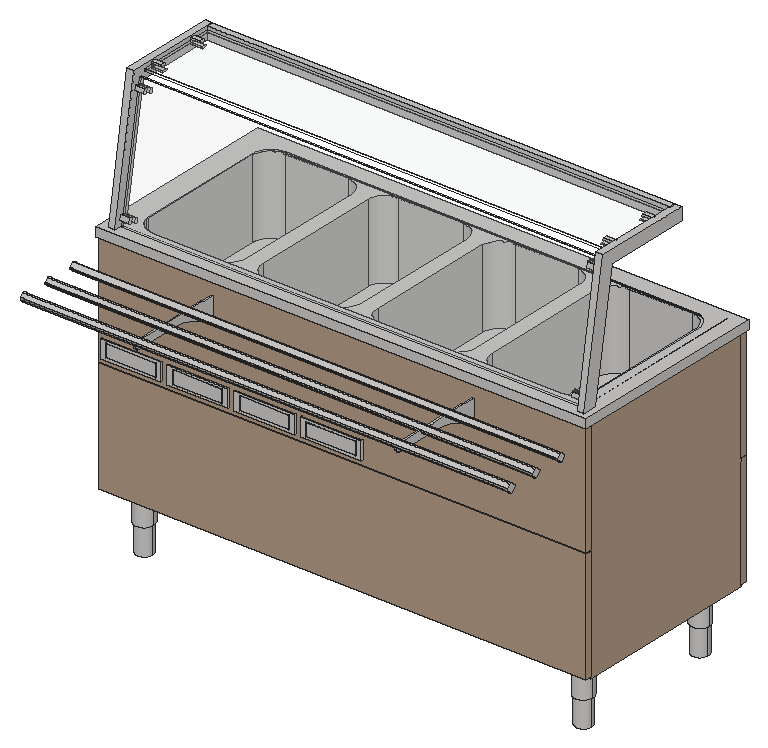
Revit family "QF_ELECTROLUXPROFESSIONAL_322080_F02H4AF01W", category Specialty Equipment, Revit 2018
Family settings
  Round Connector Dimension = Use Diameter
  Part Type = Normal
  Work Plane-Based = No
  Always vertical = Yes
  Cut with Voids When Loaded = No
  Shared = No
  Room Calculation Point = No
Parameters (values of type "Standard")
  Weight = 142.50 kg
  Watts = 0 W
  Volts = 380 V
  URL Manufacturer = "http://professional.electrolux.com"
  URL = "http://professional.electrolux.com"
  Steam Supply Size = 0 mm
  Steam Supply Minimum Pressure = 0.0 Pa
  Steam Supply Maximum Pressure = 0.0 Pa
  Steam Pounds per Hour = 0
  Show Clearance [instance] = yes
  Refrigeration Suction Line Size = 0 mm
  Refrigeration Liquid Line Size = 0 mm
  Refrigerant Compressor Remote = yes
  Manufacturer = "Electrolux Professional"
  Phase = 3
  Model = "F02H4AF01W"
  Length Actual = 1500 mm  # constant formula
  Item Number = "322080"
  Hot Water Size = 0 mm
  Height Actual = 1304 mm  # constant formula
  HP = "5.4 HP"
  Gas Size = 0 mm
  Gas KW = 0
  Gas Input Pressure = 0 W
  Direct Waste Size = 19.05 mm
  Description = "BAIN-MARIE, WATER, FOUR WELLS, 4GN H=900MM OVERSHELF W/LED LIGHTS"
  Depth Actual = 915 mm  # constant formula
  Cycle = 60 Hz
  Condensate Return Size = 0 mm
  Compressed Air Volume = 0.0 L/s
  Compressed Air Size = 0 mm
  Compressed Air Pressure = 0.0 Pa
  Cold Water Size = 0 mm
  Accessory = yes
Values of the unnamed type that differ from the named types
  Volts = 0 V
  URL Manufacturer = ""
  Item Number = ""
  Cycle = 0 Hz
Reference planes
  plane 1 "Centro (Fronte/Retro)": y = 74.737
  plane 2: z = 0
  plane 3 "BACK": y = 384.737
  plane 4 "FRONT": y = -235.263
  plane 5: z = 900
  plane 6 "RIGHT": x = 235.731
  plane 7 "LEFT": x = -1264.269
  plane 8: x = -514.269
  plane 9: y = 664.737
  plane 10: y = -530.02
  plane 11: z = 178
  plane 12: z = 1304
  plane 13: z = 1222
  plane 14: y = 297.737
  plane 15: y = -148.263
  plane 16: x = -1186.269
  plane 17: x = 157.731
  plane 18: x = -1260.269
  plane 19: y = -231.263
  plane 20: x = 231.731
  plane 21: y = 380.737
  plane 22: z = 874
  plane 23: y = 362.737
  plane 24: y = -213.263
  plane 25: z = 182
  plane 26: z = 527
  plane 27: z = 531
  plane 28: x = -112.269
  plane 29: x = -916.269
  plane 30: x = -1242.269
  plane 31: x = 213.731
  plane 32: x = 193.731
  plane 33: x = -1222.269
  plane 34: x = -1214.269
  plane 35: x = 185.731
  plane 36: y = 130.237
  plane 37: y = 19.237
  plane 38: y = 33.237
  plane 39: y = 116.237
  plane 40: x = -1152.269
  plane 41: x = 130.731
Forms (mm)
  Extrusion 1, solid, material "QF_Finishes_Wood"
    sketch origin (0, 0, 0) x (1, 0, 0) y (0, 1, 0)
      loop
        line (-1260.269, 362.737) -> (-1260.269, -213.263) -> (231.731, -213.263) -> (231.731, 362.737) -> (-1260.269, 362.737)
    from 178 to 874
  Extrusion 2, solid, material "QF_Finishes_Wood"
    sketch origin (231.731, 362.737, 0) x (0, -1, 0) y (0, 0, -1)
      loop
        line (576, -182) -> (576, -527) -> (594, -527) -> (594, -182) -> (576, -182)
      loop
        line (576, -531) -> (576, -874) -> (594, -874) -> (594, -531) -> (576, -531)
    from 0 to -1492
  Extrusion 3, solid, material "QF_Finishes_Wood"
    sketch origin (231.731, -213.263, 0) x (0, 1, 0) y (0, 0, 1)
      loop
        line (576, 531) -> (594, 531) -> (594, 874) -> (576, 874) -> (576, 531)
    from 0 to -1492
  Extrusion 4, solid, material "QF_Finishes_Stainless Steel"
    sketch origin (0, 0, 0) x (1, 0, 0) y (0, 1, 0)
      loop
        line (-1264.269, 384.737) -> (-1264.269, -235.263) -> (235.731, -235.263) -> (235.731, 384.737) -> (-1264.269, 384.737)
    from 874 to 900
  Extrusion 5, solid, material "QF_Finishes_Stainless Steel"
    sketch origin (-117.269, 362.737, 0) x (0, -1, 0) y (0, 0, -1)
      loop
        arc (628.84, -832.7) -> (632.082, -833.911) -> (635.519, -834.32) r 14.5
        line (635.519, -834.32) -> (675.715, -834.32) -> (689.858, -820.177) -> (704, -834.32) -> (770.715, -834.32) -> (784.858, -820.177) -> (799, -834.32) -> (865.716, -834.32) -> (879.858, -820.177) -> (887.686, -828.005) -> (887.686, -821.352)
        arc (887.686, -821.352) -> (887.303, -819.435) -> (886.214, -817.81) r 4.999
        line (886.214, -817.81) -> (881.179, -812.776)
        arc (881.179, -812.776) -> (879.559, -811.698) -> (877.651, -811.32) r 5
        line (877.651, -811.32) -> (732.206, -811.32)
        arc (732.206, -811.32) -> (708.662, -809.221) -> (685.86, -802.991) r 133.106
        line (685.86, -802.991) -> (638.285, -785.32) -> (597.679, -770.12) -> (594, -770.12) -> (594, -832.7) -> (628.84, -832.7)
    from 0 to 5
  Extrusion 6, void
    sketch origin (0, 0, 0) x (1, 0, 0) y (0, 1, 0)
      loop
        line (-1195.519, 277.393) -> (-1195.519, -118.263)
        arc (-1195.519, -118.263) -> (-1179.117, -157.861) -> (-1139.519, -174.263) r 56
        line (-1139.519, -174.263) -> (113.481, -174.263)
        arc (113.481, -174.263) -> (153.079, -157.861) -> (169.481, -118.263) r 56
        line (169.481, -118.263) -> (169.481, 278.957)
        arc (169.481, 278.957) -> (153.437, 317.692) -> (114.702, 333.737) r 54.78
        line (114.702, 333.737) -> (-1139.174, 333.737)
        arc (-1139.174, 333.737) -> (-1179.016, 317.234) -> (-1195.519, 277.393) r 56.344
    from 622.272 to 900
  Extrusion 7, solid, material "QF_Finishes_Wood"
    sketch origin (419.731, -213.263, -348) x (0, 1, 0) y (0, 0, 1)
      loop
        line (576, 530) -> (594, 530) -> (594, 875) -> (576, 875) -> (576, 530)
    from -188 to -383
  Extrusion 8, solid, material "QF_Finishes_Wood"
    sketch origin (-234.269, -213.263, -348) x (0, 1, 0) y (0, 0, 1)
      loop
        line (576, 530) -> (594, 530) -> (594, 875) -> (576, 875) -> (576, 530)
    from -831.045 to -1026
  Extrusion 9, solid, material "QF_Door-Drawer Clearances", visible <- "Show Clearance"
    sketch origin (0, -4, 0) x (1, 0, 0) y (0, 1, 0)
      loop
        line (-514.269, 384.737) -> (43.66, 384.737) -> (-438.757, 663.26)
        arc (-438.757, 663.26) -> (-495.317, 529.097) -> (-514.269, 384.737) r 544.045
    from 182 to 527
  Extrusion 10, solid, material "QF_Finishes_Stainless Steel"
    sketch origin (-916.269, 362.737, 0) x (0, -1, 0) y (0, 0, -1)
      loop
        arc (628.84, -832.7) -> (632.082, -833.911) -> (635.519, -834.32) r 14.5
        line (635.519, -834.32) -> (675.715, -834.32) -> (689.858, -820.177) -> (704, -834.32) -> (770.715, -834.32) -> (784.858, -820.177) -> (799, -834.32) -> (865.716, -834.32) -> (879.858, -820.177) -> (887.686, -828.005) -> (887.686, -821.352)
        arc (887.686, -821.352) -> (887.303, -819.435) -> (886.214, -817.81) r 4.999
        line (886.214, -817.81) -> (881.179, -812.776)
        arc (881.179, -812.776) -> (879.559, -811.698) -> (877.651, -811.32) r 5
        line (877.651, -811.32) -> (732.206, -811.32)
        arc (732.206, -811.32) -> (708.662, -809.221) -> (685.86, -802.991) r 133.106
        line (685.86, -802.991) -> (638.285, -785.32) -> (597.679, -770.12) -> (594, -770.12) -> (594, -832.7) -> (628.84, -832.7)
    from 0 to 5
  Extrusion 11, solid, material "QF_Finishes_Stainless Steel"
    sketch origin (231.731, 362.737, 0) x (0, -1, 0) y (0, 0, -1)
      loop
        line (881.983, -846.337) -> (891.875, -836.445)
        arc (891.875, -836.445) -> (892.757, -834.322) -> (891.879, -832.198) r 3
        line (891.879, -832.198) -> (881.979, -822.299)
        arc (881.979, -822.299) -> (879.858, -821.42) -> (877.737, -822.299) r 3
        line (877.737, -822.299) -> (867.837, -832.198)
        arc (867.837, -832.198) -> (866.958, -834.32) -> (867.837, -836.441) r 3
        line (867.837, -836.441) -> (877.737, -846.34)
        arc (877.737, -846.34) -> (879.86, -847.219) -> (881.983, -846.337) r 3
      loop
        line (786.979, -846.34) -> (796.879, -836.441)
        arc (796.879, -836.441) -> (797.757, -834.32) -> (796.879, -832.198) r 3
        line (796.879, -832.198) -> (786.979, -822.299)
        arc (786.979, -822.299) -> (784.858, -821.42) -> (782.737, -822.299) r 3
        line (782.737, -822.299) -> (772.837, -832.198)
        arc (772.837, -832.198) -> (771.958, -834.317) -> (772.833, -836.437) r 3
        line (772.833, -836.437) -> (782.741, -846.345)
        arc (782.741, -846.345) -> (784.861, -847.219) -> (786.979, -846.34) r 3
      loop
        line (691.976, -846.343) -> (701.882, -836.438)
        arc (701.882, -836.438) -> (702.757, -834.318) -> (701.879, -832.198) r 3
        line (701.879, -832.198) -> (691.979, -822.299)
        arc (691.979, -822.299) -> (689.858, -821.42) -> (687.737, -822.299) r 3
        line (687.737, -822.299) -> (677.837, -832.198)
        arc (677.837, -832.198) -> (676.958, -834.32) -> (677.837, -836.441) r 3
        line (677.837, -836.441) -> (687.737, -846.34)
        arc (687.737, -846.34) -> (689.856, -847.219) -> (691.976, -846.343) r 3
    from 0 to -1492
  Extrusion 12, solid, material "QF_Finishes_Stainless Steel"
    sketch origin (231.731, 362.737, 0) x (0, -1, 0) y (0, 0, -1)
      loop
        line (206.477, -1264.379) -> (206.477, -1304) -> (507.108, -1304) -> (578.344, -900) -> (537.727, -900) -> (473.477, -1264.379) -> (206.477, -1264.379)
    from -18 to -38
  Extrusion 13, solid, material "QF_Finishes_Stainless Steel"
    sketch origin (-895.269, 362.737, 0) x (0, -1, 0) y (0, 0, 1)
      loop
        line (206.477, 1264.379) -> (473.477, 1264.379) -> (537.727, 900) -> (578.344, 900) -> (507.108, 1304) -> (206.477, 1304) -> (206.477, 1264.379)
    from 347 to 327
  Extrusion 14, solid, material "QF_Finishes_Glass"
    sketch origin (-133.269, -231.263, 531) x (0, 0, 1) y (-1, 0, 0)
      loop
        line (757.879, -319) -> (765.879, -319) -> (765.879, 1081) -> (757.879, 1081) -> (757.879, -319)
    from -361.5 to -120.204
  Extrusion 15, solid, material "QF_Finishes_Stainless Steel"
    sketch origin (0, 0, 0) x (1, 0, 0) y (0, 1, 0)
      loop
        line (-1222.269, 156.26) -> (-1222.269, 136.26) -> (193.731, 136.26) -> (193.731, 156.26) -> (-1222.269, 156.26)
    from 1264.379 to 1304
  Extrusion 16, solid, material "QF_Finishes_Glass"
    sketch origin (-133.269, 362.737, 0) x (0, -1, 0) y (0, 0, -1)
      loop
        line (494.569, -1282.974) -> (562.097, -900) -> (553.974, -900) -> (486.445, -1282.974) -> (494.569, -1282.974)
    from 319 to -1081
  Extrusion 17, solid, material "QF_Finishes_Wood"
    sketch origin (314.688, -213.263, -348) x (0, 1, 0) y (0, 0, 1)
      loop
        line (576, 530) -> (594, 530) -> (594, 875) -> (576, 875) -> (576, 530)
    from -277.956 to -828.956
  Extrusion 18, solid, material "QF_Finishes_Wood"
    sketch origin (-236.312, -213.263, -348) x (0, 1, 0) y (0, 0, 1)
      loop
        line (576, 530) -> (594, 530) -> (594, 875) -> (576, 875) -> (576, 530)
    from -277.956 to -828.956
  Extrusion 19, solid, material "QF_Door-Drawer Clearances", visible <- "Show Clearance"
    sketch origin (-1028.537, -4, 0) x (-1, 0, 0) y (0, -1, 0)
      loop
        arc (-514.269, -384.737) -> (-495.317, -529.097) -> (-438.757, -663.26) r 544.045
        line (-438.757, -663.26) -> (43.66, -384.737) -> (-514.269, -384.737)
    from 182 to 527
  Extrusion 20, solid, material "QF_Finishes_Stainless Steel"
    sketch origin (-483.144, -64.263, 531) x (0, 0, 1) y (-1, 0, 0)
      loop
        line (765.879, 706.5) -> (770.879, 708.5) -> (770.879, 739.125) -> (750.879, 739.125) -> (750.879, 731) -> (751.974, 731) -> (751.974, 700.938) -> (755.879, 702.5) -> (755.879, 732) -> (765.879, 732) -> (765.879, 706.5)
    from 0 to 14
  Extrusion 21, solid, material "QF_Finishes_Stainless Steel"
    sketch origin (-483.144, 85.737, 531) x (0, 0, 1) y (-1, 0, 0)
      loop
        line (765.879, 706.5) -> (770.879, 708.5) -> (770.879, 739.125) -> (750.879, 739.125) -> (750.879, 731) -> (751.974, 731) -> (751.974, 700.938) -> (755.879, 702.5) -> (755.879, 732) -> (765.879, 732) -> (765.879, 706.5)
    from 0 to 14
  Extrusion 22, solid, material "QF_Finishes_Stainless Steel"
    sketch origin (-545.394, -64.263, 531) x (0, 0, 1) y (-1, 0, 0)
      loop
        line (765.879, -706.5) -> (765.879, -732) -> (755.879, -732) -> (755.879, -702.5) -> (751.974, -700.938) -> (751.974, -731) -> (750.879, -731) -> (750.879, -739.125) -> (770.879, -739.125) -> (770.879, -708.5) -> (765.879, -706.5)
    from 0 to 14
  Extrusion 23, solid, material "QF_Finishes_Stainless Steel"
    sketch origin (-545.394, 85.737, 531) x (0, 0, 1) y (-1, 0, 0)
      loop
        line (765.879, -706.5) -> (765.879, -732) -> (755.879, -732) -> (755.879, -702.5) -> (751.974, -700.938) -> (751.974, -731) -> (750.879, -731) -> (750.879, -739.125) -> (770.879, -739.125) -> (770.879, -708.5) -> (765.879, -706.5)
    from 0 to 14
  Extrusion 24, solid, material "QF_Finishes_Stainless Steel"
    sketch origin (-545.394, 619.458, 1129.907) x (0, -0.984808, 0.173648) y (-1, 0, 0)
      loop
        line (765.879, -706.5) -> (765.879, -732) -> (755.879, -732) -> (755.879, -702.5) -> (751.974, -700.938) -> (751.974, -731) -> (750.879, -731) -> (750.879, -739.125) -> (770.879, -739.125) -> (770.879, -708.5) -> (765.879, -706.5)
    from 0 to 14
  Extrusion 25, solid, material "QF_Finishes_Stainless Steel"
    sketch origin (-483.144, 619.458, 1129.907) x (0, -0.984808, 0.173648) y (-1, 0, 0)
      loop
        line (765.879, 706.5) -> (770.879, 708.5) -> (770.879, 739.125) -> (750.879, 739.125) -> (750.879, 731) -> (751.974, 731) -> (751.974, 700.938) -> (755.879, 702.5) -> (755.879, 732) -> (765.879, 732) -> (765.879, 706.5)
    from 0 to 14
  Extrusion 26, solid, material "QF_Finishes_Stainless Steel"
    sketch origin (-545.394, 562.154, 799.389) x (0, -0.984808, 0.173648) y (-1, 0, 0)
      loop
        line (765.879, -706.5) -> (765.879, -732) -> (755.879, -732) -> (755.879, -702.5) -> (751.974, -700.938) -> (751.974, -731) -> (750.879, -731) -> (750.879, -739.125) -> (770.879, -739.125) -> (770.879, -708.5) -> (765.879, -706.5)
    from 0 to 14
  Extrusion 27, solid, material "QF_Finishes_Stainless Steel"
    sketch origin (-483.144, 562.154, 799.389) x (0, -0.984808, 0.173648) y (-1, 0, 0)
      loop
        line (765.879, 706.5) -> (770.879, 708.5) -> (770.879, 739.125) -> (750.879, 739.125) -> (750.879, 731) -> (751.974, 731) -> (751.974, 700.938) -> (755.879, 702.5) -> (755.879, 732) -> (765.879, 732) -> (765.879, 706.5)
    from 0 to 14
  Extrusion 28, solid, material "QF_Finishes_Stainless Steel"
    sketch origin (-1393.537, 0, 0) x (-1, 0, 0) y (0, -1, 0)
      loop
        circle (-196.269, -124.737) r 10
    from 178 to 166
  Extrusion 29, solid, material "QF_Finishes_Stainless Steel"
    sketch origin (-1393.537, 149.474, 0) x (-1, 0, 0) y (0, -1, 0)
      loop
        circle (-196.269, 124.737) r 10
    from 178 to 166
Cuts and joins
  Extrusion 6 cuts Extrusion 1
  Extrusion 6 cuts Extrusion 4
Lines and regions (mm)
  symbolic lines
    curve 1: line (235.731, 384.737, 0) -> (235.731, -235.263, 0)
    curve 2: line (-1264.269, -235.263, 0) -> (-1264.269, 384.737, 0)
    curve 3: line (-1264.269, 384.737, 0) -> (235.731, 384.737, 0)
    curve 4: line (-1264.269, -235.263, 0) -> (235.731, -235.263, 0)
    curve 5: line (185.731, -64.263, 0) -> (185.731, 71.737, 0)
    curve 6: line (-1214.269, 71.737, 0) -> (-1214.269, -64.263, 0)
    curve 7: line (-1242.269, 156.26, 0) -> (213.731, 156.26, 0)
    curve 8: line (213.731, 156.26, 0) -> (213.731, -215.607, 0)
    curve 9: line (213.731, -215.607, 0) -> (193.731, -215.607, 0)
    curve 10: line (193.731, -215.607, 0) -> (193.731, 156.26, 0)
    curve 11: line (193.731, 136.26, 0) -> (-1222.269, 136.26, 0)
    curve 12: line (-1222.269, 156.26, 0) -> (-1222.269, -215.607, 0)
    curve 13: line (-1222.269, -215.607, 0) -> (-1242.269, -215.607, 0)
    curve 14: line (-1242.269, -215.607, 0) -> (-1242.269, 156.26, 0)
    curve 15: line (-1242.269, -144.371, 0) -> (-1222.269, -144.371, 0)
    curve 16: line (193.731, -144.371, 0) -> (213.731, -144.371, 0)
    curve 17: line (-1214.269, 130.237, 0) -> (-1214.269, 85.737, 0)
    curve 18: line (-1214.269, 130.237, 0) -> (185.731, 130.237, 0)
    curve 19: line (185.731, 130.237, 0) -> (185.731, 85.737, 0)
    curve 20: line (185.731, -78.263, 0) -> (185.731, -111.059, 0)
    curve 21: line (193.731, 85.737, 0) -> (161.231, 85.737, 0)
    curve 22: line (161.231, 85.737, 0) -> (161.231, 71.737, 0)
    curve 23: line (161.231, 71.737, 0) -> (193.731, 71.737, 0)
    curve 24: line (193.731, -64.263, 0) -> (161.231, -64.263, 0)
    curve 25: line (161.231, -64.263, 0) -> (161.231, -78.263, 0)
    curve 26: line (161.231, -78.263, 0) -> (193.731, -78.263, 0)
    curve 27: line (-1222.269, -64.263, 0) -> (-1189.769, -64.263, 0)
    curve 28: line (-1189.769, -64.263, 0) -> (-1189.769, -78.263, 0)
    curve 29: line (-1189.769, -78.263, 0) -> (-1222.269, -78.263, 0)
    curve 30: line (-1222.269, 85.737, 0) -> (-1189.769, 85.737, 0)
    curve 31: line (-1189.769, 85.737, 0) -> (-1189.769, 71.737, 0)
    curve 32: line (-1189.769, 71.737, 0) -> (-1222.269, 71.737, 0)
    curve 33: line (-1222.269, -142.14, 0) -> (-1191.769, -142.14, 0)
    curve 34: line (-1191.769, -142.14, 0) -> (-1191.769, -139.709, 0)
    curve 35: line (-1191.769, -139.709, 0) -> (-1222.269, -139.709, 0)
    curve 36: line (-1191.769, -142.14, 0) -> (-1189.769, -137.216, 0)
    curve 37: line (-1215.269, -134.785, 0) -> (-1189.769, -134.785, 0)
    curve 38: line (-1215.269, -134.785, 0) -> (-1215.269, -124.937, 0)
    curve 39: line (-1215.269, -124.937, 0) -> (-1214.269, -124.937, 0)
    curve 40: line (-1215.269, -127.368, 0) -> (-1214.269, -127.368, 0)
    curve 41: line (-1191.769, -139.709, 0) -> (-1189.769, -134.785, 0)
    curve 42: line (-1189.769, -134.785, 0) -> (-1189.769, -137.216, 0)
    curve 43: line (-1214.269, -123.708, 0) -> (-1214.269, -134.785, 0)
    curve 44: line (185.731, -131.831, 0) -> (185.731, -123.708, 0)
    curve 45: line (185.731, -123.708, 0) -> (-1214.269, -123.708, 0)
    curve 46: line (193.731, -142.14, 0) -> (163.231, -142.14, 0)
    curve 47: line (163.231, -142.14, 0) -> (163.231, -139.709, 0)
    curve 48: line (163.231, -139.709, 0) -> (193.731, -139.709, 0)
    curve 49: line (163.231, -142.14, 0) -> (161.231, -137.216, 0)
    curve 50: line (186.731, -134.785, 0) -> (161.231, -134.785, 0)
    curve 51: line (186.731, -134.785, 0) -> (186.731, -124.937, 0)
    curve 52: line (186.731, -124.937, 0) -> (185.731, -124.937, 0)
    curve 53: line (186.731, -127.368, 0) -> (185.731, -127.368, 0)
    curve 54: line (163.231, -139.709, 0) -> (161.231, -134.785, 0)
    curve 55: line (161.231, -134.785, 0) -> (161.231, -137.216, 0)
    curve 56: line (185.731, -123.708, 0) -> (185.731, -134.785, 0)
    curve 57: line (-1214.269, -142.14, 0) -> (-1214.269, -192.089, 0)
    curve 58: line (-1214.269, -177.317, 0) -> (-1222.269, -177.317, 0)
    curve 59: line (-1214.269, -182.241, 0) -> (-1215.269, -182.241, 0)
    curve 60: line (-1215.269, -184.672, 0) -> (-1214.269, -184.672, 0)
    curve 61: line (-1215.269, -182.241, 0) -> (-1215.269, -192.089, 0)
    curve 62: line (-1215.269, -192.089, 0) -> (-1189.779, -192.089, 0)
    curve 63: line (-1191.769, -197.013, 0) -> (-1189.779, -192.089, 0)
    curve 64: line (-1189.779, -192.089, 0) -> (-1189.779, -194.52, 0)
    curve 65: line (-1191.769, -199.444, 0) -> (-1189.779, -194.52, 0)
    curve 66: line (-1191.769, -197.013, 0) -> (-1191.769, -199.444, 0)
    curve 67: line (-1222.269, -199.444, 0) -> (-1191.769, -199.444, 0)
    curve 68: line (-1191.769, -197.013, 0) -> (-1222.269, -197.013, 0)
    curve 69: line (185.731, -177.317, 0) -> (193.731, -177.317, 0)
    curve 70: line (185.731, -182.241, 0) -> (186.731, -182.241, 0)
    curve 71: line (186.731, -184.672, 0) -> (185.731, -184.672, 0)
    curve 72: line (186.731, -182.241, 0) -> (186.731, -192.089, 0)
    curve 73: line (186.731, -192.089, 0) -> (161.242, -192.089, 0)
    curve 74: line (163.231, -197.013, 0) -> (161.242, -192.089, 0)
    curve 75: line (161.242, -192.089, 0) -> (161.242, -194.52, 0)
    curve 76: line (163.231, -199.444, 0) -> (161.242, -194.52, 0)
    curve 77: line (163.231, -197.013, 0) -> (163.231, -199.444, 0)
    curve 78: line (193.731, -199.444, 0) -> (163.231, -199.444, 0)
    curve 79: line (163.231, -197.013, 0) -> (193.731, -197.013, 0)
    curve 80: line (-1191.735, -199.36, 0) -> (163.197, -199.36, 0)
    curve 81: line (-1214.269, -78.263, 0) -> (-1214.269, -111.059, 0)
    curve 82: line (-1214.269, -111.059, 0) -> (185.731, -111.059, 0)
    curve 83: line (-1214.269, -131.831, 0) -> (185.731, -131.831, 0)
    curve 84: line (185.731, -142.14, 0) -> (185.731, -192.089, 0)
    curve 85: line (-1264.269, -530.02, 0) -> (-1264.269, -235.263, 0)
    curve 86: line (235.731, -530.02, 0) -> (-1264.269, -530.02, 0)
    curve 87: line (235.731, -235.263, 0) -> (235.731, -530.02, 0)
    curve 88: line (186.731, -127.368, 0) -> (185.731, -127.368, 0)
    curve 89: line (193.731, -120.013, 0) -> (185.731, -120.013, 0)
    curve 90: line (185.731, -120.013, 0) -> (185.731, -121.091, 0)
    curve 91: line (185.731, -121.091, 0) -> (155.669, -121.091, 0)
    curve 92: line (155.669, -121.091, 0) -> (155.669, -123.708, 0)
    curve 93: line (155.669, -121.091, 0) -> (156.732, -123.708, 0)
    curve 94: line (-1222.269, -120.013, 0) -> (-1214.269, -120.013, 0)
    curve 95: line (-1214.269, -120.013, 0) -> (-1214.269, -121.091, 0)
    curve 96: line (-1214.269, -121.091, 0) -> (-1184.207, -121.091, 0)
    curve 97: line (-1184.207, -121.091, 0) -> (-1184.207, -123.708, 0)
    curve 98: line (-1184.207, -121.091, 0) -> (-1185.269, -123.708, 0)
    curve 99: line (164.481, 276.457, 0) -> (164.481, 156.26, 0)
    curve 100: line (-1193.019, 136.26, 0) -> (-1193.019, 130.237, 0)
    curve 101: line (164.481, 136.26, 0) -> (164.481, 130.237, 0)
  symbolic lines, style "QF_Door-Drawer Clearances"
    curve 102: line (-1025.269, 384.737, 0) -> (-580.414, 641.574, 0)
    curve 103: line (-1065.269, 384.737, 0) -> (-590.231, 659, 0)
    curve 104: arc (-590.231, 659, 0) -> (-534.256, 526.854, 0) -> (-514.29, 384.737, 0) r 551.22
    curve 105: arc (-438.306, 659, 0) -> (-494.281, 526.854, 0) -> (-514.247, 384.737, 0) r 551.22
    curve 106: line (-3.269, 384.737, 0) -> (-448.124, 641.574, 0)
    curve 107: line (36.731, 384.737, 0) -> (-438.306, 659, 0)
  symbolic lines, style "SpecialityEquipmentHiddenLines"
    curve 108: line (-1194.269, 273.737, 0) -> (-1194.269, -124.263, 0)
    curve 109: arc (-1194.269, -124.263, 0) -> (-1177.867, -163.861, 0) -> (-1138.269, -180.263, 0) r 56
    curve 110: line (-1138.269, -180.263, 0) -> (-945.269, -180.263, 0)
    curve 111: arc (-945.269, -180.263, 0) -> (-905.671, -163.861, 0) -> (-889.269, -124.263, 0) r 56
    curve 112: line (-889.269, -124.263, 0) -> (-889.269, 273.737, 0)
    curve 113: arc (-889.269, 273.737, 0) -> (-905.671, 313.335, 0) -> (-945.269, 329.737, 0) r 56
    curve 114: line (-945.269, 329.737, 0) -> (-1138.269, 329.737, 0)
    curve 115: arc (-1138.269, 329.737, 0) -> (-1177.867, 313.335, 0) -> (-1194.269, 273.737, 0) r 56
    curve 116: line (-843.269, 278.737, 0) -> (-843.269, -124.263, 0)
    curve 117: arc (-843.269, -124.263, 0) -> (-826.867, -163.861, 0) -> (-787.269, -180.263, 0) r 56
    curve 118: line (-787.269, -180.263, 0) -> (-594.269, -180.263, 0)
    curve 119: arc (-594.269, -180.263, 0) -> (-554.671, -163.861, 0) -> (-538.269, -124.263, 0) r 56
    curve 120: line (-538.269, -124.263, 0) -> (-538.269, 273.737, 0)
    curve 121: arc (-538.269, 273.737, 0) -> (-554.671, 313.335, 0) -> (-594.269, 329.737, 0) r 56
    curve 122: line (-594.269, 329.737, 0) -> (-792.269, 329.737, 0)
    curve 123: arc (-792.269, 329.737, 0) -> (-828.331, 314.8, 0) -> (-843.269, 278.737, 0) r 51
    curve 124: line (-492.269, 273.737, 0) -> (-492.269, -124.263, 0)
    curve 125: arc (-492.269, -124.263, 0) -> (-475.867, -163.861, 0) -> (-436.269, -180.263, 0) r 56
    curve 126: line (-436.269, -180.263, 0) -> (-243.269, -180.263, 0)
    curve 127: arc (-243.269, -180.263, 0) -> (-203.671, -163.861, 0) -> (-187.269, -124.263, 0) r 56
    curve 128: line (-187.269, -124.263, 0) -> (-187.269, 273.737, 0)
    curve 129: arc (-187.269, 273.737, 0) -> (-203.671, 313.335, 0) -> (-243.269, 329.737, 0) r 56
    curve 130: line (-243.269, 329.737, 0) -> (-436.269, 329.737, 0)
    curve 131: arc (-436.269, 329.737, 0) -> (-475.867, 313.335, 0) -> (-492.269, 273.737, 0) r 56
    curve 132: line (-141.269, 273.737, 0) -> (-141.269, -124.263, 0)
    curve 133: arc (-141.269, -124.263, 0) -> (-124.867, -163.861, 0) -> (-85.269, -180.263, 0) r 56
    curve 134: line (-85.269, -180.263, 0) -> (107.731, -180.263, 0)
    curve 135: arc (107.731, -180.263, 0) -> (147.329, -163.861, 0) -> (163.731, -124.263, 0) r 56
    curve 136: line (163.731, -124.263, 0) -> (163.731, 273.737, 0)
    curve 137: arc (163.731, 273.737, 0) -> (147.329, 313.335, 0) -> (107.731, 329.737, 0) r 56
    curve 138: line (107.731, 329.737, 0) -> (-85.269, 329.737, 0)
    curve 139: arc (-85.269, 329.737, 0) -> (-124.867, 313.335, 0) -> (-141.269, 273.737, 0) r 56
Dimensions and locks
  plane 7 "LEFT" to plane 6 "RIGHT" = 1500 mm
  equal spacing: plane 3 "BACK", plane 1 "Centro (Fronte/Retro)", plane 4 "FRONT"
  plane 3 "BACK" to plane 4 "FRONT" = 620 mm
  equal spacing: plane 7 "LEFT", plane 8, plane 6 "RIGHT"
  locked: plane 9 to plane 3 "BACK" at 280
  locked: plane 4 "FRONT" to plane 10 at 294.757
  locked: plane 11 to plane 2 at 178
  locked: plane 5 to plane 2 at 900
  locked: plane 12 to plane 2 at 1304
  locked: plane 13 to plane 2 at 1222
  locked: plane 3 "BACK" to plane 14 at 87
  locked: plane 7 "LEFT" to plane 16 at 78
  locked: plane 17 to plane 6 "RIGHT" at 78
  locked: plane 15 to plane 4 "FRONT" at 87
  locked: plane 3 "BACK" to plane 21 at 4
  locked: plane 7 "LEFT" to plane 18 at 4
  locked: plane 20 to plane 6 "RIGHT" at 4
  locked: plane 19 to plane 4 "FRONT" at 4
  locked: plane 5 to plane 22 at 26
  locked: plane 24 to plane 19 at 18
  locked: plane 21 to plane 23 at 18
  plane 20 to plane 28 = 344 mm
  plane 29 to plane 18 = 344 mm
  equal spacing: plane 30, plane 8, plane 31
  plane 30 to plane 31 = 1456 mm
  locked: plane 30 to plane 33 at 20
  locked: plane 32 to plane 31 at 20
  equal spacing: plane 34, plane 8, plane 35
  plane 34 to plane 35 = 1400 mm
  equal spacing: plane 36, plane 1 "Centro (Fronte/Retro)", plane 37
  plane 36 to plane 37 = 111 mm
  locked: plane 36 to plane 39 at 14
  locked: plane 38 to plane 37 at 14
  locked: plane 41 to plane 6 "RIGHT" at 105
  locked: plane 7 "LEFT" to plane 40 at 112
  plane 16 to plane 7 "LEFT" = 78 mm
  plane 6 "RIGHT" to plane 17 = 78 mm
  plane 6 "RIGHT" to plane 7 "LEFT" = 1500 mm
  plane 31 to plane 30 = 1456 mm
  plane 35 to plane 34 = 1400 mm
  aligned and locked: level to plane 2
  aligned and locked: Extrusion 1 sketch curve to plane 23
  aligned and locked: plane 18 to Extrusion 1 sketch curve
  aligned and locked: plane 24 to Extrusion 1 sketch curve
  aligned and locked: Extrusion 1 sketch curve to plane 20
  aligned and locked: Extrusion 1 to plane 22
  aligned and locked: Extrusion 1 to plane 11
  aligned and locked: plane 25 to Extrusion 2 sketch curve
  aligned and locked: Extrusion 2 sketch curve to plane 24  (x2)
  aligned and locked: Extrusion 2 sketch curve to plane 26
  aligned and locked: plane 19 to Extrusion 2 sketch curve  (x2)
  aligned and locked: plane 27 to Extrusion 2 sketch curve
  aligned and locked: Extrusion 2 sketch curve to plane 22
  aligned and locked: Extrusion 2 to plane 18
  aligned and locked: Extrusion 3 to plane 18
  aligned and locked: Extrusion 4 sketch curve to plane 3 "BACK"
  aligned and locked: plane 7 "LEFT" to Extrusion 4 sketch curve
  aligned and locked: plane 4 "FRONT" to Extrusion 4 sketch curve
  aligned and locked: Extrusion 4 sketch curve to plane 6 "RIGHT"
  aligned and locked: Extrusion 4 to plane 22
  aligned and locked: plane 20 to Extrusion 7
  aligned and locked: Extrusion 8 to plane 18
  aligned and locked: plane 26 to Extrusion 9
  aligned and locked: Extrusion 7 to plane 25
  aligned and locked: Extrusion 8 to plane 25
  aligned and locked: plane 16 to nested 1
  aligned and locked: plane 17 to nested 2
  aligned and locked: nested 2 to plane 15
  aligned and locked: nested 1 to plane 15
  aligned and locked: nested 3 to plane 14
  aligned and locked: plane 16 to nested 4
  aligned and locked: plane 20 to Extrusion 11
  aligned and locked: Extrusion 11 to plane 18
  aligned and locked: nested 4 to plane 14
  aligned and locked: Extrusion 12 to plane 31
  aligned and locked: Extrusion 12 to plane 32
  aligned and locked: plane 33 to Extrusion 13
  aligned and locked: Extrusion 13 to plane 30
  aligned and locked: Extrusion 15 sketch curve to plane 32
  aligned and locked: plane 33 to Extrusion 15 sketch curve
  aligned and locked: Extrusion 15 to Extrusion 12
  aligned and locked: Extrusion 16 to plane 34
  aligned and locked: plane 35 to Extrusion 16
  aligned and locked: Extrusion 14 sketch curve to plane 35
  aligned and locked: plane 34 to Extrusion 14 sketch curve
  aligned and locked: plane 17 to nested 3
Automatic sketch dimensions
  curve 86 to plane 7 "LEFT" = 0 mm
  curve 15 to plane 30 = 0 mm
  curve 29 to plane 33 = 0 mm
  curve 40 to plane 34 = 0 mm
  curve 57 to plane 34 = 0 mm
  curve 18 to plane 34 = 0 mm
  curve 81 to plane 34 = 0 mm
  curve 6 to plane 34 = 0 mm
  curve 100 to plane 36 = 0 mm
  curve 103 to plane 3 "BACK" = 0 mm
  curve 70 to plane 35 = 0 mm
  curve 19 to plane 35 = 0 mm
  curve 20 to plane 35 = 0 mm
  curve 52 to plane 35 = 0 mm
  curve 5 to plane 35 = 0 mm
  curve 23 to plane 32 = 0 mm
  curve 7 to plane 31 = 0 mm
  curve 87 to plane 4 "FRONT" = 0 mm
  curve 87 to plane 6 "RIGHT" = 0 mm
  curve 87 to plane 10 = 0 mm
  curve 61 to plane 34 = 1 mm
  curve 39 to curve 39 = 1 mm
  curve 94 to plane 34 = 0 mm
  curve 66 to plane 16 = 5.5 mm
  curve 34 to plane 16 = 5.5 mm
  curve 64 to plane 16 = 3.511 mm
  curve 41 to plane 16 = 3.5 mm
  curve 32 to plane 16 = 3.5 mm
  curve 27 to plane 16 = 3.5 mm
  plane 16 to curve 97 = 2.062 mm
  curve 104 to plane 21 = 0.977 mm
  curve 104 to plane 40 = 86.781 mm
  curve 103 to plane 9 = 5.737 mm
  curve 103 to plane 8 = 75.963 mm
  curve 107 to plane 9 = 5.737 mm
  plane 8 to curve 107 = 75.963 mm
  curve 105 to plane 21 = 0.977 mm
  plane 41 to curve 105 = 93.781 mm
  curve 92 to plane 17 = 2.062 mm
  plane 17 to curve 26 = 3.5 mm
  plane 17 to curve 22 = 3.5 mm
  plane 17 to curve 54 = 3.5 mm
  plane 17 to curve 73 = 3.511 mm
  curve 75 to curve 79 = 1.989 mm
  curve 49 to curve 49 = 2 mm
  plane 17 to curve 99 = 6.75 mm
  plane 35 to curve 90 = 0 mm
  plane 35 to curve 72 = 1 mm
  plane 35 to curve 50 = 1 mm
  curve 12 to plane 24 = 2.344 mm
  curve 10 to plane 24 = 2.344 mm
  plane 24 to curve 78 = 13.819 mm
  plane 24 to curve 65 = 13.819 mm
  curve 65 to curve 66 = 2.431 mm
  curve 76 to curve 74 = 2.431 mm
  curve 74 to curve 76 = 2.493 mm
  curve 63 to curve 65 = 2.493 mm
  curve 75 to curve 74 = 2.431 mm
  curve 64 to curve 63 = 2.431 mm
  curve 72 to curve 72 = 9.848 mm
  curve 61 to curve 61 = 9.848 mm
  plane 15 to curve 46 = 6.122 mm
  plane 15 to curve 34 = 6.122 mm
  curve 33 to curve 41 = 2.431 mm
  curve 46 to curve 54 = 2.431 mm
  curve 47 to curve 55 = 2.493 mm
  curve 34 to curve 42 = 2.493 mm
  curve 57 to curve 37 = 7.355 mm
  curve 49 to curve 54 = 2.431 mm
  curve 56 to curve 44 = 2.954 mm
  curve 83 to curve 38 = 6.894 mm
  curve 44 to curve 52 = 6.894 mm
  curve 52 to curve 44 = 1.229 mm
  curve 97 to curve 96 = 2.617 mm
  curve 44 to curve 90 = 2.617 mm
  curve 95 to curve 94 = 1.078 mm
  curve 90 to curve 90 = 1.078 mm
  curve 89 to curve 82 = 8.954 mm
  curve 81 to curve 29 = 32.796 mm
  curve 20 to curve 25 = 32.796 mm
  curve 28 to curve 27 = 14 mm
  curve 25 to curve 25 = 14 mm
  plane 1 "Centro (Fronte/Retro)" to curve 22 = 3 mm
  plane 1 "Centro (Fronte/Retro)" to curve 32 = 3 mm
  curve 30 to plane 1 "Centro (Fronte/Retro)" = 11 mm
  curve 22 to plane 1 "Centro (Fronte/Retro)" = 11 mm
  plane 36 to curve 14 = 26.023 mm
  curve 99 to plane 14 = 21.28 mm
  curve 100 to plane 16 = 6.75 mm
  curve 65 to curve 80 = 0.034 mm
  plane 16 to curve 98 = 0.999 mm
  curve 104 to curve 103 = 0.219 mm
  curve 103 to curve 102 = 40 mm
  curve 102 to plane 9 = 23.163 mm
  curve 106 to plane 9 = 23.163 mm
  curve 106 to curve 105 = 40.219 mm
  curve 107 to curve 105 = 0.219 mm
  curve 93 to plane 17 = 0.999 mm
  plane 17 to curve 101 = 6.75 mm
  curve 60 to curve 59 = 2.431 mm
  curve 71 to curve 70 = 2.431 mm
  curve 70 to curve 69 = 4.924 mm
  curve 59 to curve 58 = 4.924 mm
  plane 15 to curve 15 = 3.892 mm
  curve 16 to curve 46 = 2.23 mm
  curve 53 to curve 52 = 2.431 mm
  curve 88 to curve 53 = 0 mm
  curve 40 to curve 38 = 2.431 mm
  curve 101 to curve 101 = 6.023 mm
  Extrusion 1 to Extrusion 3 sketch curve = 0 mm
  Extrusion 3 sketch curve to Extrusion 1 = 0 mm
  Extrusion 3 sketch curve to Extrusion 3 sketch curve = 18 mm
  Extrusion 3 sketch curve to Extrusion 3 sketch curve = 343 mm
  Extrusion 5 sketch curve to plane 19 = 0 mm
  plane 4 "FRONT" to Extrusion 5 sketch curve = 0.321 mm
  Extrusion 5 sketch curve to plane 4 "FRONT" = 30.84 mm
  Extrusion 5 sketch curve to Extrusion 5 sketch curve = 6.66 mm
  Extrusion 5 sketch curve to Extrusion 5 sketch curve = 6.678 mm
  Extrusion 5 sketch curve to Extrusion 5 sketch curve = 2.785 mm
  Extrusion 5 sketch curve to Extrusion 5 sketch curve = 40.197 mm
  Extrusion 5 sketch curve to Extrusion 5 sketch curve = 10.145 mm
  Extrusion 5 sketch curve to Extrusion 5 sketch curve = 3.998 mm
  Extrusion 5 sketch curve to plane 22 = 39.68 mm  (x3)
  Extrusion 5 sketch curve to Extrusion 5 sketch curve = 14.142 mm  (x3)
  Extrusion 5 sketch curve to Extrusion 5 sketch curve = 28.206 mm
  Extrusion 5 sketch curve to Extrusion 5 sketch curve = 38.51 mm
  Extrusion 5 sketch curve to Extrusion 5 sketch curve = 14.143 mm
  plane 10 to Extrusion 5 sketch curve = 27.042 mm
  plane 10 to Extrusion 5 sketch curve = 15.107 mm
  Extrusion 5 sketch curve to Extrusion 5 sketch curve = 2.207 mm
  Extrusion 5 sketch curve to Extrusion 5 sketch curve = 3.528 mm  (x2)
  Extrusion 5 sketch curve to Extrusion 5 sketch curve = 2.829 mm
  plane 10 to Extrusion 5 sketch curve = 5.072 mm
  Extrusion 5 sketch curve to Extrusion 5 sketch curve = 1.62 mm
  Extrusion 5 sketch curve to Extrusion 5 sketch curve = 6.314 mm
  Extrusion 5 sketch curve to Extrusion 5 sketch curve = 6.653 mm
  Extrusion 5 sketch curve to Extrusion 5 sketch curve = 1.175 mm
  Extrusion 5 sketch curve to Extrusion 5 sketch curve = 3.858 mm
  Extrusion 5 sketch curve to Extrusion 5 sketch curve = 3.543 mm
  Extrusion 5 sketch curve to Extrusion 5 sketch curve = 23 mm
  Extrusion 5 sketch curve to Extrusion 5 sketch curve = 17.187 mm
  Extrusion 5 sketch curve to Extrusion 5 sketch curve = 34.499 mm
  Extrusion 5 sketch curve to Extrusion 5 sketch curve = 15.2 mm
  Extrusion 5 sketch curve to Extrusion 5 sketch curve = 0 mm
  Extrusion 6 sketch curve to plane 16 = 9.25 mm
  Extrusion 6 sketch curve to plane 40 = 12.75 mm
  Extrusion 6 sketch curve to plane 40 = 13.094 mm
  plane 41 to Extrusion 6 sketch curve = 17.25 mm
  plane 41 to Extrusion 6 sketch curve = 16.03 mm
  plane 17 to Extrusion 6 sketch curve = 11.75 mm
  Extrusion 6 sketch curve to plane 15 = 26 mm
  Extrusion 6 sketch curve to plane 14 = 20.344 mm
  Extrusion 7 sketch curve to plane 23 = 0 mm
  Extrusion 7 sketch curve to plane 21 = 0 mm
  Extrusion 7 sketch curve to plane 25 = 0 mm
  Extrusion 7 sketch curve to plane 26 = 0 mm
  Extrusion 8 sketch curve to plane 23 = 0 mm
  Extrusion 8 sketch curve to plane 21 = 0 mm
  Extrusion 8 sketch curve to plane 25 = 0 mm
  Extrusion 8 sketch curve to plane 26 = 0 mm
  Extrusion 9 sketch curve to plane 8 = 0 mm
  Extrusion 9 sketch curve to plane 21 = 0 mm
  Extrusion 9 sketch curve to plane 9 = 5.477 mm
  plane 8 to Extrusion 9 sketch curve = 75.512 mm
  Extrusion 9 sketch curve to plane 3 "BACK" = 2 mm
  Extrusion 9 sketch curve to Extrusion 9 sketch curve = 13.887 mm
  Extrusion 10 sketch curve to plane 19 = 0 mm
  plane 4 "FRONT" to Extrusion 10 sketch curve = 0.321 mm
  Extrusion 10 sketch curve to plane 4 "FRONT" = 30.84 mm
  Extrusion 10 sketch curve to Extrusion 10 sketch curve = 6.66 mm
  Extrusion 10 sketch curve to Extrusion 10 sketch curve = 6.678 mm
  Extrusion 10 sketch curve to Extrusion 10 sketch curve = 2.785 mm
  Extrusion 10 sketch curve to Extrusion 10 sketch curve = 40.197 mm
  Extrusion 10 sketch curve to Extrusion 10 sketch curve = 10.145 mm
  Extrusion 10 sketch curve to Extrusion 10 sketch curve = 3.998 mm
  Extrusion 10 sketch curve to plane 22 = 39.68 mm  (x3)
  Extrusion 10 sketch curve to Extrusion 10 sketch curve = 14.142 mm  (x3)
  Extrusion 10 sketch curve to Extrusion 10 sketch curve = 28.206 mm
  Extrusion 10 sketch curve to Extrusion 10 sketch curve = 38.51 mm
  Extrusion 10 sketch curve to Extrusion 10 sketch curve = 14.143 mm
  plane 10 to Extrusion 10 sketch curve = 27.042 mm
  plane 10 to Extrusion 10 sketch curve = 15.107 mm
  Extrusion 10 sketch curve to Extrusion 10 sketch curve = 2.207 mm
  Extrusion 10 sketch curve to Extrusion 10 sketch curve = 3.528 mm  (x2)
  Extrusion 10 sketch curve to Extrusion 10 sketch curve = 2.829 mm
  plane 10 to Extrusion 10 sketch curve = 5.072 mm
  Extrusion 10 sketch curve to Extrusion 10 sketch curve = 1.62 mm
  Extrusion 10 sketch curve to Extrusion 10 sketch curve = 6.314 mm
  Extrusion 10 sketch curve to Extrusion 10 sketch curve = 6.653 mm
  Extrusion 10 sketch curve to Extrusion 10 sketch curve = 1.175 mm
  Extrusion 10 sketch curve to Extrusion 10 sketch curve = 3.858 mm
  Extrusion 10 sketch curve to Extrusion 10 sketch curve = 3.543 mm
  Extrusion 10 sketch curve to Extrusion 10 sketch curve = 23 mm
  Extrusion 10 sketch curve to Extrusion 10 sketch curve = 17.187 mm
  Extrusion 10 sketch curve to Extrusion 10 sketch curve = 34.499 mm
  Extrusion 10 sketch curve to Extrusion 10 sketch curve = 15.2 mm
  Extrusion 10 sketch curve to Extrusion 10 sketch curve = 0 mm
  Extrusion 1 to Extrusion 11 sketch curve = 39.68 mm
  Extrusion 11 sketch curve to Extrusion 1 = 103.958 mm
  Extrusion 11 sketch curve to Extrusion 11 sketch curve = 9.899 mm  (x7)
  Extrusion 1 to Extrusion 11 sketch curve = 27.657 mm
  Extrusion 11 sketch curve to Extrusion 11 sketch curve = 2.118 mm  (x3)
  Extrusion 1 to Extrusion 11 sketch curve = 37.562 mm
  Extrusion 11 sketch curve to Extrusion 11 sketch curve = 2.124 mm  (x2)
  Extrusion 1 to Extrusion 11 sketch curve = 37.563 mm
  Extrusion 11 sketch curve to Extrusion 11 sketch curve = 70.951 mm
  Extrusion 1 to Extrusion 11 sketch curve = 41.802 mm  (x6)
  Extrusion 11 sketch curve to Extrusion 11 sketch curve = 0.004 mm
  Extrusion 11 sketch curve to Extrusion 11 sketch curve = 2.126 mm
  Extrusion 1 to Extrusion 11 sketch curve = 27.655 mm
  Extrusion 11 sketch curve to Extrusion 11 sketch curve = 9.908 mm
  Extrusion 11 sketch curve to Extrusion 11 sketch curve = 2.117 mm
  Extrusion 11 sketch curve to Extrusion 11 sketch curve = 9.9 mm  (x3)
  Extrusion 1 to Extrusion 11 sketch curve = 27.66 mm  (x3)
  Extrusion 11 sketch curve to Extrusion 11 sketch curve = 2.121 mm  (x16)
  Extrusion 1 to Extrusion 11 sketch curve = 37.559 mm  (x3)
  Extrusion 11 sketch curve to Extrusion 11 sketch curve = 70.958 mm
  Extrusion 11 sketch curve to Extrusion 11 sketch curve = 0 mm  (x12)
  Extrusion 1 to Extrusion 11 sketch curve = 51.701 mm  (x6)
  Extrusion 1 to Extrusion 11 sketch curve = 27.663 mm
  Extrusion 11 sketch curve to Extrusion 11 sketch curve = 2.125 mm
  Extrusion 1 to Extrusion 11 sketch curve = 37.555 mm
  Extrusion 1 to Extrusion 12 sketch curve = 206.477 mm
  Extrusion 1 to Extrusion 12 sketch curve = 102.523 mm
  Extrusion 12 sketch curve to Extrusion 12 sketch curve = 33.631 mm
  Extrusion 1 to Extrusion 12 sketch curve = 38.273 mm
  Extrusion 12 sketch curve to Extrusion 1 = 2.344 mm
  Extrusion 12 sketch curve to Extrusion 1 = 430 mm
  Extrusion 12 sketch curve to Extrusion 12 sketch curve = 39.621 mm
  Extrusion 12 sketch curve to Extrusion 1 = 26 mm
  Extrusion 13 sketch curve to plane 12 = 0 mm
  Extrusion 13 sketch curve to plane 5 = 0 mm
  plane 36 to Extrusion 13 sketch curve = 26.023 mm
  plane 15 to Extrusion 13 sketch curve = 37.523 mm
  plane 15 to Extrusion 13 sketch curve = 3.892 mm
  Extrusion 13 sketch curve to plane 15 = 26.727 mm
  Extrusion 13 sketch curve to plane 24 = 2.344 mm
  Extrusion 13 sketch curve to plane 12 = 39.621 mm
  Extrusion 14 sketch curve to plane 12 = 15.121 mm
  Extrusion 14 sketch curve to plane 12 = 7.121 mm
  plane 36 to Extrusion 15 sketch curve = 6.023 mm
  Extrusion 15 sketch curve to Extrusion 15 sketch curve = 20 mm
  Extrusion 16 sketch curve to plane 5 = 0 mm
  plane 15 to Extrusion 16 sketch curve = 24.555 mm
  Extrusion 16 sketch curve to Extrusion 16 sketch curve = 8.123 mm  (x2)
  plane 24 to Extrusion 16 sketch curve = 22.026 mm
  Extrusion 16 sketch curve to plane 12 = 21.026 mm
  Extrusion 17 sketch curve to plane 23 = 0 mm
  Extrusion 17 sketch curve to plane 21 = 0 mm
  Extrusion 17 sketch curve to plane 25 = 0 mm
  Extrusion 17 sketch curve to plane 26 = 0 mm
  Extrusion 18 sketch curve to plane 23 = 0 mm
  Extrusion 18 sketch curve to plane 21 = 0 mm
  Extrusion 18 sketch curve to plane 25 = 0 mm
  Extrusion 18 sketch curve to plane 26 = 0 mm
  Extrusion 19 sketch curve to plane 8 = 0 mm
  Extrusion 19 sketch curve to plane 21 = 0 mm
  plane 9 to Extrusion 19 sketch curve = 5.477 mm
  plane 8 to Extrusion 19 sketch curve = 75.512 mm
  plane 3 "BACK" to Extrusion 19 sketch curve = 2 mm
  Extrusion 19 sketch curve to Extrusion 19 sketch curve = 13.887 mm
  Extrusion 20 sketch curve to plane 33 = 0 mm
  plane 34 to Extrusion 20 sketch curve = 0.125 mm
  Extrusion 20 sketch curve to plane 12 = 22.121 mm
  Extrusion 20 sketch curve to Extrusion 20 sketch curve = 1.095 mm
  plane 16 to Extrusion 20 sketch curve = 0.625 mm
  Extrusion 20 sketch curve to Extrusion 20 sketch curve = 3.905 mm
  Extrusion 20 sketch curve to plane 34 = 0.875 mm
  Extrusion 20 sketch curve to plane 12 = 7.121 mm
  Extrusion 20 sketch curve to plane 12 = 2.121 mm
  plane 16 to Extrusion 20 sketch curve = 2.187 mm
  Extrusion 20 sketch curve to plane 16 = 3.375 mm
  Extrusion 20 sketch curve to plane 16 = 5.375 mm
  Extrusion 21 sketch curve to plane 33 = 0 mm
  plane 34 to Extrusion 21 sketch curve = 0.125 mm
  Extrusion 21 sketch curve to plane 12 = 22.121 mm
  Extrusion 21 sketch curve to Extrusion 21 sketch curve = 1.095 mm
  plane 16 to Extrusion 21 sketch curve = 0.625 mm
  Extrusion 21 sketch curve to Extrusion 21 sketch curve = 3.905 mm
  Extrusion 21 sketch curve to plane 34 = 0.875 mm
  Extrusion 21 sketch curve to plane 12 = 7.121 mm
  Extrusion 21 sketch curve to plane 12 = 2.121 mm
  plane 16 to Extrusion 21 sketch curve = 2.187 mm
  Extrusion 21 sketch curve to plane 16 = 3.375 mm
  Extrusion 21 sketch curve to plane 16 = 5.375 mm
  Extrusion 22 sketch curve to plane 32 = 0 mm
  Extrusion 22 sketch curve to plane 35 = 0.125 mm
  Extrusion 22 sketch curve to plane 12 = 22.121 mm
  Extrusion 22 sketch curve to Extrusion 22 sketch curve = 1.095 mm
  Extrusion 22 sketch curve to plane 17 = 0.625 mm
  Extrusion 22 sketch curve to Extrusion 22 sketch curve = 3.905 mm
  plane 35 to Extrusion 22 sketch curve = 0.875 mm
  Extrusion 22 sketch curve to plane 12 = 7.121 mm
  Extrusion 22 sketch curve to plane 12 = 2.121 mm
  plane 17 to Extrusion 22 sketch curve = 5.375 mm
  plane 17 to Extrusion 22 sketch curve = 3.375 mm
  Extrusion 22 sketch curve to plane 17 = 2.187 mm
  Extrusion 23 sketch curve to plane 32 = 0 mm
  Extrusion 23 sketch curve to plane 35 = 0.125 mm
  Extrusion 23 sketch curve to plane 12 = 22.121 mm
  Extrusion 23 sketch curve to Extrusion 23 sketch curve = 1.095 mm
  Extrusion 23 sketch curve to plane 17 = 0.625 mm
  Extrusion 23 sketch curve to Extrusion 23 sketch curve = 3.905 mm
  plane 35 to Extrusion 23 sketch curve = 0.875 mm
  Extrusion 23 sketch curve to plane 12 = 7.121 mm
  Extrusion 23 sketch curve to plane 12 = 2.121 mm
  plane 17 to Extrusion 23 sketch curve = 5.375 mm
  plane 17 to Extrusion 23 sketch curve = 3.375 mm
  Extrusion 23 sketch curve to plane 17 = 2.187 mm
  Extrusion 24 sketch curve to plane 35 = 0.125 mm
  Extrusion 24 sketch curve to Extrusion 24 sketch curve = 1.095 mm
  Extrusion 24 sketch curve to plane 17 = 0.625 mm
  Extrusion 24 sketch curve to Extrusion 24 sketch curve = 3.905 mm
  plane 35 to Extrusion 24 sketch curve = 0.875 mm
  Extrusion 24 sketch curve to Extrusion 24 sketch curve = 10 mm
  Extrusion 24 sketch curve to Extrusion 24 sketch curve = 5 mm
  plane 32 to Extrusion 24 sketch curve = 0 mm
  plane 17 to Extrusion 24 sketch curve = 5.375 mm
  plane 17 to Extrusion 24 sketch curve = 3.375 mm
  Extrusion 24 sketch curve to plane 17 = 2.187 mm
  plane 34 to Extrusion 25 sketch curve = 0.125 mm
  Extrusion 25 sketch curve to Extrusion 25 sketch curve = 1.095 mm
  plane 16 to Extrusion 25 sketch curve = 0.625 mm
  Extrusion 25 sketch curve to Extrusion 25 sketch curve = 3.905 mm
  Extrusion 25 sketch curve to plane 34 = 0.875 mm
  Extrusion 25 sketch curve to Extrusion 25 sketch curve = 10 mm
  Extrusion 25 sketch curve to Extrusion 25 sketch curve = 5 mm
  plane 16 to Extrusion 25 sketch curve = 2.187 mm
  Extrusion 25 sketch curve to plane 16 = 3.375 mm
  Extrusion 25 sketch curve to plane 16 = 5.375 mm
  Extrusion 25 sketch curve to plane 33 = 0 mm
  Extrusion 26 sketch curve to plane 32 = 0 mm
  Extrusion 26 sketch curve to plane 35 = 0.125 mm
  Extrusion 26 sketch curve to Extrusion 26 sketch curve = 1.095 mm
  Extrusion 26 sketch curve to plane 17 = 0.625 mm
  Extrusion 26 sketch curve to Extrusion 26 sketch curve = 3.905 mm
  plane 35 to Extrusion 26 sketch curve = 0.875 mm
  Extrusion 26 sketch curve to Extrusion 26 sketch curve = 10 mm
  Extrusion 26 sketch curve to Extrusion 26 sketch curve = 5 mm
  plane 17 to Extrusion 26 sketch curve = 5.375 mm
  plane 17 to Extrusion 26 sketch curve = 3.375 mm
  Extrusion 26 sketch curve to plane 17 = 2.187 mm
  plane 34 to Extrusion 27 sketch curve = 0.125 mm
  Extrusion 27 sketch curve to Extrusion 27 sketch curve = 1.095 mm
  plane 16 to Extrusion 27 sketch curve = 0.625 mm
  Extrusion 27 sketch curve to Extrusion 27 sketch curve = 3.905 mm
  Extrusion 27 sketch curve to plane 34 = 0.875 mm
  Extrusion 27 sketch curve to Extrusion 27 sketch curve = 10 mm
  Extrusion 27 sketch curve to Extrusion 27 sketch curve = 5 mm
  plane 16 to Extrusion 27 sketch curve = 2.187 mm
  Extrusion 27 sketch curve to plane 16 = 3.375 mm
  Extrusion 27 sketch curve to plane 16 = 5.375 mm
  Extrusion 27 sketch curve to plane 33 = 0 mm
  plane 16 to Extrusion 28 sketch curve = 11 mm
  plane 36 to Extrusion 28 sketch curve = 5.5 mm
  Extrusion 29 sketch curve to plane 16 = 11 mm
  plane 37 to Extrusion 29 sketch curve = 5.5 mm
  curve 108 to plane 16 = 8 mm
  curve 115 to plane 40 = 14 mm
  curve 110 to plane 40 = 14 mm
  curve 113 to plane 29 = 29 mm
  curve 110 to plane 29 = 29 mm
  plane 29 to curve 112 = 27 mm
  curve 110 to plane 15 = 32 mm
  curve 115 to plane 14 = 24 mm
  plane 15 to curve 116 = 24 mm
  curve 111 to curve 116 = 46 mm
  curve 123 to plane 14 = 19 mm
  curve 123 to curve 123 = 51 mm
  curve 118 to plane 15 = 32 mm
  curve 121 to plane 14 = 24 mm
  curve 121 to plane 8 = 80 mm
  plane 15 to curve 119 = 24 mm
  plane 8 to curve 124 = 22 mm
  plane 15 to curve 125 = 24 mm
  curve 125 to curve 125 = 56 mm
  curve 131 to plane 14 = 24 mm
  curve 131 to curve 131 = 56 mm
  curve 129 to plane 14 = 24 mm
  curve 129 to plane 28 = 131 mm
  plane 15 to curve 127 = 24 mm
  curve 132 to plane 28 = 29 mm
  plane 28 to curve 133 = 27 mm
  plane 28 to curve 139 = 27 mm
  plane 41 to curve 134 = 23 mm
  plane 41 to curve 138 = 23 mm
  plane 17 to curve 136 = 6 mm
  curve 134 to plane 15 = 32 mm
  curve 137 to plane 14 = 24 mm
  radius of Extrusion 28 sketch curve = 10 mm
  radius of Extrusion 29 sketch curve = 10 mm
Nested families
  nested 1: "Foot_Ø50_H150" at (-1186.269, -148.263, 0), type "Foot_Ø50_H150"
  nested 2: "Foot_Ø50_H150" at (157.731, -148.263, 0), type "Foot_Ø50_H150"
  nested 3: "Foot_Ø50_H150" at (157.731, 297.737, 0), type "Foot_Ø50_H150"
  nested 4: "Foot_Ø50_H150" at (-1186.269, 297.737, 0), type "Foot_Ø50_H150"
  nested 5: "Bain Marie Four well 1500" at (0, 5, 0), type "Bain Marie Four well 1500"
    with Show Clearance yes
  nested 6: "Sun" at (55.731, -45.263, 0), type "Sun"
  nested 7: "Controller_compact" at (-1158.019, -231.263, 572.8) x (-1, 0, 0) z (0, -1, 0), type "Controller_compact"
  nested 8: "Controller_compact" at (-953.519, -231.263, 572.8) x (-1, 0, 0) z (0, -1, 0), type "Controller_compact"
  nested 9: "Controller_compact" at (-749.019, -231.263, 572.8) x (-1, 0, 0) z (0, -1, 0), type "Controller_compact"
  nested 10: "Controller_compact" at (-544.519, -231.263, 572.8) x (-1, 0, 0) z (0, -1, 0), type "Controller_compact"
Connectors
  piping at (-1197.269, 124.737, 166), diameter 20
    settings: on Extrusion 28, index 8, connector inside diameter 609.6 mm, connector length 0 mm, flow factor 0, pipe flow 0.0 L/s, pressure drop 0.0 Pa, fitting loss kfactor 0, connector angle 0.00°, fixture units 0, engagement length 0 mm, angle of deflection 0.00°, flow configuration 1, flow direction 2, fitting loss method 0, system type 16, joint type 0, gender type 0, connector reference index -1, connector utility 0, adjustable connector no, is connector primary yes, connector description ""
  electrical at (-1197.269, 24.737, 166)
    settings: on Extrusion 29, index 10, voltage 0 V, apparent load 0 VA, apparent load phase1 0 VA, apparent load phase2 0 VA, apparent load phase3 0 VA, power factor 1, load classification "Other", number of poles 1, system type 31, power factor state 1, is connector primary yes, connector utility no, sub classification motor no, connector description ""
Definition of nested family "Foot_Ø50_H150"
  Reference planes
    plane 1 "Centro (Fronte/Retro)": y = 0
    plane 2: z = 0
    plane 3 "Centro (Sinistra/Destra)": x = 0
    plane 4: z = 178
  Forms (mm)
    Revolve 1, solid
      sketch origin (255.05, 0, 608.09) x (0, 0, 1) y (-1, 0, 0)
        loop
          line (-608.09, 255.05) -> (-608.09, 230.05) -> (-526.09, 230.05) -> (-526.09, 226.05) -> (-430.09, 226.05) -> (-430.09, 255.05) -> (-608.09, 255.05)
        axis (-608.09, 255.05) -> (-430.09, 255.05)
      angle from 0 to 360
  Dimensions and locks
    Revolve 1 sketch curve to Revolve 1 sketch curve = 96 mm
    aligned and locked: level to plane 2
    aligned and locked: plane 4 to Revolve 1 sketch curve
    aligned and locked: Revolve 1 sketch curve to level
    aligned and locked: plane 3 "Centro (Sinistra/Destra)" to Revolve 1 sketch curve
Definition of nested family "Bain Marie Four well 1500"
  Parameters (values of type "Bain Marie Four well 1500")
    Show Clearance [instance] = yes
    Scatola connessioni Z [instance] = 250 mm
    Scatola connessioni X [instance] = 1000 mm
    Scatola Connessioni Y [instance] = 600 mm
    Controller 4X [instance] = 900 mm
    Controller 4Z [instance] = 300 mm
    Controller 4Y [instance] = 350 mm
    Controller 3Z [instance] = 300 mm
    Controller 3Y [instance] = 300 mm
    Controller 3X [instance] = 700 mm
    Controller 2Z [instance] = 300 mm
    Controller 2Y [instance] = 250 mm
    Controller 2X [instance] = 500 mm
    Controller 1Z [instance] = 300 mm
    Controller 1Y [instance] = 200 mm
    Controller 1X [instance] = 300 mm
  Reference planes
    plane 1 "Centro (Fronte/Retro)": y = 74.737
    plane 2: z = 0
    plane 3 "BACK": y = 379.737
    plane 4 "FRONT": y = -240.263
    plane 5 "RIGHT": x = 235.731
    plane 6 "LEFT": x = -1264.269
    plane 7: x = -514.269
    plane 8 "TOP": z = 900
    plane 9: y = 352.737
    plane 10: y = -203.263
    plane 11: x = 190.731
    plane 12: x = -1219.269
    plane 13: y = 324.737
    plane 14: y = -185.263
    plane 15: x = -1194.269
    plane 16: x = 163.731
    plane 17: z = 898
    plane 18: z = 656
    plane 19: z = 659
    plane 20: x = -889.269
    plane 21: x = -141.269
    plane 22: x = -843.269
    plane 23: x = -538.269
    plane 24: x = -492.269
    plane 25: x = -187.269
    plane 26: z = 300
    plane 27: z = 300
    plane 28: z = 300
    plane 29: z = 300
    plane 30: z = 250
    plane 31: x = -264.269
    plane 32: y = -220.263
    plane 33: x = -964.269
    plane 34: y = 179.737
    plane 35: x = -764.269
    plane 36: y = 129.737
    plane 37: x = -564.269
    plane 38: y = 79.737
    plane 39: x = -364.269
    plane 40: y = 29.737
    plane 41 "1": y = 266.737
  Forms (mm)
    Extrusion 1, solid
      sketch origin (0, 0, 900) x (-1, 0, 0) y (0, -1, 0)
        loop
          line (-190.731, -352.737) -> (1219.269, -352.737) -> (1219.269, 203.263) -> (-190.731, 203.263) -> (-190.731, -352.737)
      from -2 to -244
    Extrusion 2, void
      sketch origin (0, 0, 900) x (-1, 0, 0) y (0, -1, 0)
        loop
          line (1194.269, -268.737) -> (1194.269, 129.263)
          arc (1194.269, 129.263) -> (1177.867, 168.861) -> (1138.269, 185.263) r 56
          line (1138.269, 185.263) -> (945.269, 185.263)
          arc (945.269, 185.263) -> (905.671, 168.861) -> (889.269, 129.263) r 56
          line (889.269, 129.263) -> (889.269, -268.737)
          arc (889.269, -268.737) -> (905.671, -308.335) -> (945.269, -324.737) r 56
          line (945.269, -324.737) -> (1138.269, -324.737)
          arc (1138.269, -324.737) -> (1177.867, -308.335) -> (1194.269, -268.737) r 56
        loop
          arc (-163.731, -268.737) -> (-147.329, -308.335) -> (-107.731, -324.737) r 56
          line (-107.731, -324.737) -> (85.269, -324.737)
          arc (85.269, -324.737) -> (124.867, -308.335) -> (141.269, -268.737) r 56
          line (141.269, -268.737) -> (141.269, 129.263)
          arc (141.269, 129.263) -> (124.867, 168.861) -> (85.269, 185.263) r 56
          line (85.269, 185.263) -> (-107.731, 185.263)
          arc (-107.731, 185.263) -> (-147.329, 168.861) -> (-163.731, 129.263) r 56
          line (-163.731, 129.263) -> (-163.731, -268.737)
        loop
          arc (538.269, -268.737) -> (554.671, -308.335) -> (594.269, -324.737) r 56
          line (594.269, -324.737) -> (792.269, -324.737)
          arc (792.269, -324.737) -> (828.331, -309.8) -> (843.269, -273.737) r 51
          line (843.269, -273.737) -> (843.269, 129.263)
          arc (843.269, 129.263) -> (826.867, 168.861) -> (787.269, 185.263) r 56
          line (787.269, 185.263) -> (594.269, 185.263)
          arc (594.269, 185.263) -> (554.671, 168.861) -> (538.269, 129.263) r 56
          line (538.269, 129.263) -> (538.269, -268.737)
        loop
          arc (187.269, -268.737) -> (203.671, -308.335) -> (243.269, -324.737) r 56
          line (243.269, -324.737) -> (436.269, -324.737)
          arc (436.269, -324.737) -> (475.867, -308.335) -> (492.269, -268.737) r 56
          line (492.269, -268.737) -> (492.269, 129.263)
          arc (492.269, 129.263) -> (475.867, 168.861) -> (436.269, 185.263) r 56
          line (436.269, 185.263) -> (243.269, 185.263)
          arc (243.269, 185.263) -> (203.671, 168.861) -> (187.269, 129.263) r 56
          line (187.269, 129.263) -> (187.269, -268.737)
      from 0 to -241
